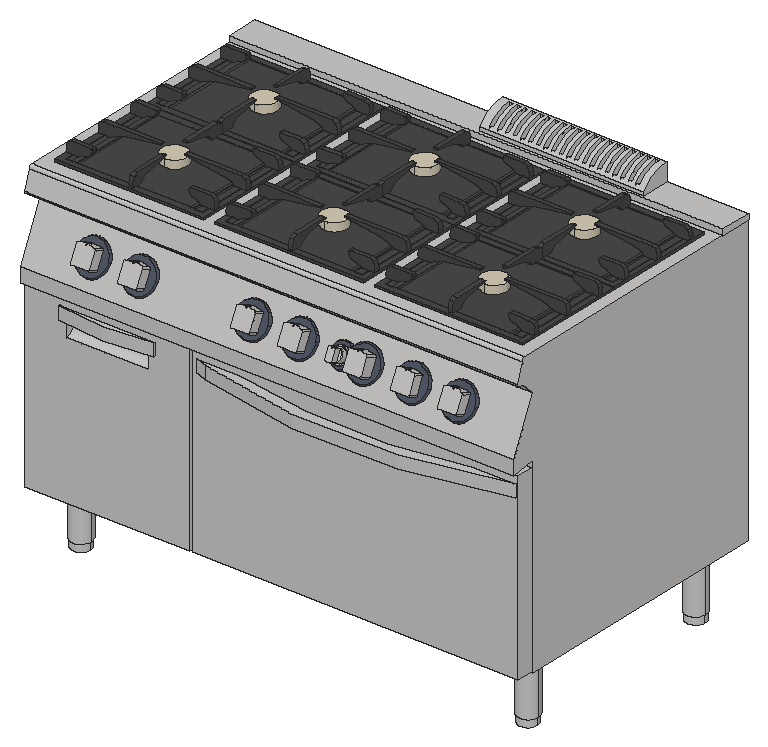
Revit family "QF_ZANUSSI_372006_Z7GCGL6C20", category Specialty Equipment, Revit 2018 (continued)
Definition of nested family "QF_372006_BURNER"
  Automatic sketch dimensions
    curve 10 to plane 8 "Center X" = 32.857 mm
    curve 57 to plane 8 "Center X" = 32.857 mm
    curve 6 to curve 68 = 20.152 mm
    radius of Extrusion 6 sketch curve = 30 mm
